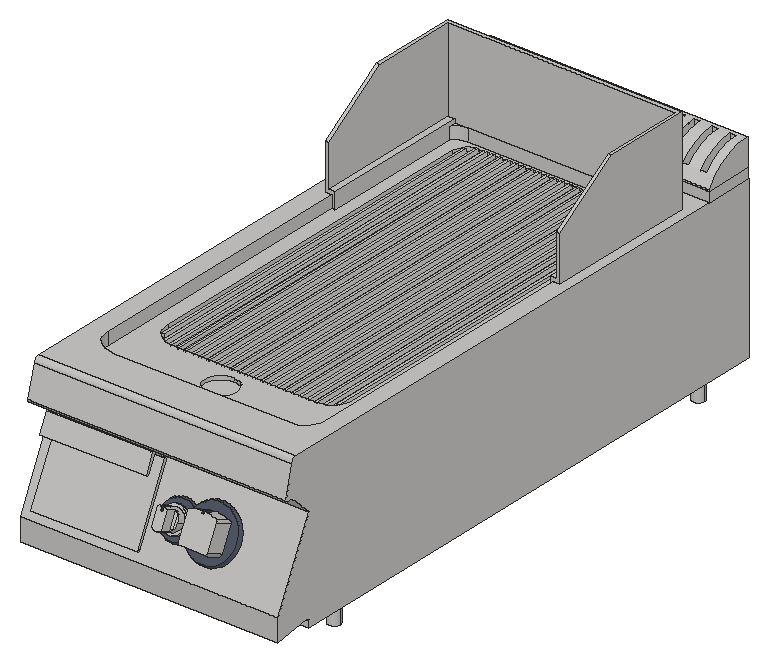
Revit family "QF_ZANUSSI_392402_Z9IINAAOMCA", category Specialty Equipment, Revit 2018
Family settings
  Round Connector Dimension = Use Diameter
  Part Type = Normal
  Work Plane-Based = No
  Always vertical = Yes
  Cut with Voids When Loaded = No
  Shared = No
  Room Calculation Point = No
Parameters
  Width = 400 mm  # constant formula
  Weight in Pounds = 55  # constant formula
  Weight = 0.00 kg
  Watts = 0 W
  Volts = 0 V
  URL Manufacturer = "http://www.zanussiprofessional.com"
  URL Cutsheet = "www.electrolux.com/foodservice"
  URL = "http://www.zanussiprofessional.com"
  Type Mark [instance] = ""
  Steam Supply Size = 0"
  Steam Supply Minimum Pressure = 0.00 psi
  Steam Supply Maximum Pressure = 0.00 psi
  Steam Pounds per Hour = 0
  Status [instance] = ""
  Specification by User [instance] = ""
  Specification by Manufacturer = ""
  Show Logo [instance] = yes
  Show Clearance [instance] = yes
  Serial Number = ""
  Seismic Rating = ""
  SMACNA No = ""
  Revision Code [instance] = ""
  Refrigeration Suction Line Size = 0"
  Refrigeration Liquid Line Size = 0"
  Refrigerant Compressor Remote = yes
  Phase = 0
  Omniclass Number and Title = ""
  NAFEM Spec ID Number = ""
  Model = "Z9FTGDSR00"
  Mechanical Remarks [instance] = ""
  Mechanical Connection Type [instance] = ""
  Masterspec = ""
  Manufacturer = "Zanussi"
  Length Actual = 400 mm  # constant formula
  Item Number [instance] = "392049"
  Installed By [instance] = ""
  Identify Quantity as Lot [instance] = yes
  Hot Water Size = 0"
  Height Actual = 250 mm  # constant formula
  Height = 410 mm  # constant formula
  HP = "0 HP"
  Gas Size = 1/2"
  Gas RI Height [instance] = 0 mm
  Gas KW [instance] = 10
  Gas Input [instance] = 0.336018 Btu/h
  Gas Connection Height = 0 mm
  Furnished By [instance] = ""
  Foodservice Equipment Identifier [instance] = yes
  Direct Waste Size = 0"
  Description = "GAS FRYTOP RIBBED SLOPED PLATE 400 MM"
  Depth Actual = 900 mm  # constant formula
  Depth = 915 mm  # constant formula
  Cycle = 0 Hz
  Condensate Return Size = 0"
  Compressed Air Volume = 0 GPM
  Compressed Air Size = 0"
  Compressed Air Pressure = 0.00 psi
  Cold Water Size = 0"
  CSI MasterFormat = ""
  CSI Master Format = ""
  Base Height [instance] = 24 mm  # constant formula
  Accessory = yes
Reference planes
  plane 1 "BACK": y = 0
  plane 2: z = 0
  plane 3 "LEFT": x = 0
  plane 4 "RIGHT": x = 400
  plane 5 "FRONT": y = -915
  plane 6 "TOP": z = 410
  plane 7 "Center Y": x = 200
  plane 8 "Center X": y = -457.5
  plane 9 "BASE": z = 24
  plane 10: y = -791
  plane 11: y = -83
  plane 12: x = 348
  plane 13: y = -1045
  plane 14: z = 274
  plane 15: y = -666
  plane 16: y = -346.873
  plane 17 "panel": through (-6096, -854.982, 185.364) normal (0, -0.8956, 0.4448)
Forms (mm)
  Extrusion 1, solid, material "QF_Clearances", visible <- "Show Clearance", detail levels coarse
    sketch origin (0, 0, 0) x (1, 0, 0) y (0, 1, 0)
      loop
        line (0, -915) -> (0, 0) -> (400.05, 0) -> (400.05, -915) -> (500.069, -915) -> (500.069, 100.019) -> (-100.019, 100.019) -> (-100.019, -915) -> (0, -915)
    from 0 to 410
  Extrusion 2, solid, material "QF_Finishes_Stainless Steel"
    sketch origin (0, -200, 0) x (0, 1, 0) y (0, 0, 1)
      loop
        line (200, 24) -> (200, 274) -> (-679.358, 274)
        arc (-679.358, 274) -> (-684.643, 271.811) -> (-686.833, 266.526) r 7.474
        line (-686.833, 266.526) -> (-699.884, 221.011)
        arc (-699.884, 221.011) -> (-699.396, 218.379) -> (-697, 217.184) r 3
        line (-697, 217.184) -> (-686.802, 217.184) -> (-654.982, 185.364) -> (-715, 64.508) -> (-715, 29.508) -> (-658.645, 37.428)
        arc (-658.645, 37.428) -> (-656.101, 36.674) -> (-655, 34.259) r 3.2
        line (-655, 34.259) -> (-655, 24) -> (200, 24)
    from 0 to 400.05
  Extrusion 3, void
    sketch origin (0, -202.381, 275.4) x (-1, 0, 0) y (0, -1, 0)
      loop
        arc (-55.4, -87.381) -> (-37.439, -79.942) -> (-30, -61.981) r 25.4
        line (-30, -61.981) -> (-30, 579.98)
        arc (-30, 579.98) -> (-40.99, 606.513) -> (-67.523, 617.504) r 37.523
        line (-67.523, 617.504) -> (-344.314, 617.504)
        arc (-344.314, 617.504) -> (-366.048, 608.501) -> (-375.05, 586.768) r 30.736
        line (-375.05, 586.768) -> (-375.05, -61.981)
        arc (-375.05, -61.981) -> (-367.611, -79.942) -> (-349.65, -87.381) r 25.4
        line (-349.65, -87.381) -> (-55.4, -87.381)
    from 0 to -20
  Extrusion 4, solid, material "QF_Finishes_Stainless Steel"
    sketch origin (0, -200, 0) x (1, 0, 0) y (0, 1, 0)
      loop
        circle (11.112, 117) r 9.525
      loop
        circle (11.112, -591) r 9.525
      loop
        circle (388.887, 117) r 9.525
      loop
        circle (388.888, -591) r 9.525
    from 0 to 24
  Extrusion 5, solid, material "QF_Finishes_Stainless Steel"
    sketch origin (0, 0, 24) x (-1, 0, 0) y (0, 1, 0)
      loop
        circle (-348.05, -666) r 6.4
    from 0 to 18
  Extrusion 6, solid, material "QF_Finishes_Stainless Steel"
    sketch origin (0, -200, 0) x (0, -1, 0) y (0, 0, 1)
      loop
        line (-124.988, 274) -> (-124.988, 289) -> (-200, 289) -> (-200, 274) -> (-124.988, 274)
    from 0 to -400.05
  Extrusion 7, solid, material "QF_Finishes_Stainless Steel"
    sketch origin (0, 0, 0) x (0, 1, 0) y (0, 0, 1)
      loop
        line (0, 289) -> (0, 332.762)
        arc (0, 332.762) -> (-42.919, 322.313) -> (-75.012, 291.959) r 86.116
        line (-75.012, 291.959) -> (-75.012, 289) -> (0, 289)
    from 0 to 400
  Extrusion 8, void
    sketch origin (0, 0, 273.238) x (-1, 0, 0) y (0, -1, 0)
      loop
        line (-13.453, 6.761) -> (-13.453, 63.911) -> (-22.749, 63.911) -> (-22.749, 6.761) -> (-13.453, 6.761)
    from 25.4 to 63.5
  Extrusion 9, void
    sketch origin (400.05, 0, 273.238) x (1, 0, 0) y (0, 1, 0)
      loop
        line (-13.503, -6.761) -> (-22.799, -6.761) -> (-22.799, -63.911) -> (-13.503, -63.911) -> (-13.503, -6.761)
    from 25.4 to 63.5
  Extrusion 10, void
    sketch origin (27.988, 0, 273.238) x (-1, 0, 0) y (0, -1, 0)
      loop
        line (-13.453, 6.761) -> (-13.453, 63.911) -> (-22.749, 63.911) -> (-22.749, 6.761) -> (-13.453, 6.761)
    from 25.4 to 63.5
  Extrusion 11, void
    sketch origin (55.977, 0, 273.238) x (-1, 0, 0) y (0, -1, 0)
      loop
        line (-13.453, 6.761) -> (-13.453, 63.911) -> (-22.749, 63.911) -> (-22.749, 6.761) -> (-13.453, 6.761)
    from 25.4 to 63.5
  Extrusion 12, void
    sketch origin (83.965, 0, 273.238) x (-1, 0, 0) y (0, -1, 0)
      loop
        line (-13.428, 6.761) -> (-13.428, 63.911) -> (-22.724, 63.911) -> (-22.724, 6.761) -> (-13.428, 6.761)
    from 25.4 to 63.5
  Extrusion 13, void
    sketch origin (111.953, 0, 273.238) x (-1, 0, 0) y (0, -1, 0)
      loop
        line (-13.428, 6.761) -> (-13.428, 63.911) -> (-22.724, 63.911) -> (-22.724, 6.761) -> (-13.428, 6.761)
    from 25.4 to 63.5
  Extrusion 14, void
    sketch origin (139.942, 0, 273.238) x (-1, 0, 0) y (0, -1, 0)
      loop
        line (-13.428, 6.761) -> (-13.428, 63.911) -> (-22.724, 63.911) -> (-22.724, 6.761) -> (-13.428, 6.761)
    from 25.4 to 63.5
  Extrusion 15, void
    sketch origin (167.93, 0, 273.238) x (-1, 0, 0) y (0, -1, 0)
      loop
        line (-13.428, 6.761) -> (-13.428, 63.911) -> (-22.724, 63.911) -> (-22.724, 6.761) -> (-13.428, 6.761)
    from 25.4 to 63.5
  Extrusion 16, void
    sketch origin (307.872, 0, 273.238) x (-1, 0, 0) y (0, -1, 0)
      loop
        line (-13.403, 6.761) -> (-13.403, 63.911) -> (-22.699, 63.911) -> (-22.699, 6.761) -> (-13.403, 6.761)
    from 25.4 to 63.5
  Extrusion 17, void
    sketch origin (335.86, 0, 273.238) x (-1, 0, 0) y (0, -1, 0)
      loop
        line (-13.403, 6.761) -> (-13.403, 63.911) -> (-22.699, 63.911) -> (-22.699, 6.761) -> (-13.403, 6.761)
    from 25.4 to 63.5
  Extrusion 18, void
    sketch origin (228.013, 0, 273.238) x (-1, 0, 0) y (0, -1, 0)
      loop
        line (-13.428, 6.761) -> (-13.428, 63.911) -> (-22.724, 63.911) -> (-22.724, 6.761) -> (-13.428, 6.761)
    from 25.4 to 63.5
  Extrusion 19, void
    sketch origin (256.002, 0, 273.238) x (-1, 0, 0) y (0, -1, 0)
      loop
        line (-13.428, 6.761) -> (-13.428, 63.911) -> (-22.724, 63.911) -> (-22.724, 6.761) -> (-13.428, 6.761)
    from 25.4 to 63.5
  Extrusion 20, void
    sketch origin (283.99, 0, 273.238) x (-1, 0, 0) y (0, -1, 0)
      loop
        line (-13.403, 6.761) -> (-13.403, 63.911) -> (-22.699, 63.911) -> (-22.699, 6.761) -> (-13.403, 6.761)
    from 25.4 to 63.5
  Extrusion 21, void
    sketch origin (200.025, 0, 273.238) x (-1, 0, 0) y (0, -1, 0)
      loop
        line (-13.428, 6.761) -> (-13.428, 63.911) -> (-22.724, 63.911) -> (-22.724, 6.761) -> (-13.428, 6.761)
    from 25.4 to 63.5
  Extrusion 22, void
    sketch origin (0, -202.381, 255.4) x (0, -1, 0) y (-1, 0, 0)
      loop
        arc (-56.619, -55) -> (-74.579, -62.439) -> (-82.019, -80.4) r 25.4
        line (-82.019, -80.4) -> (-82.019, -322.6)
        arc (-82.019, -322.6) -> (-74.579, -340.561) -> (-56.619, -348) r 25.4
        line (-56.619, -348) -> (501.768, -348)
        arc (501.768, -348) -> (523.501, -338.998) -> (532.504, -317.264) r 30.736
        line (532.504, -317.264) -> (532.504, -92.523)
        arc (532.504, -92.523) -> (521.513, -65.99) -> (494.98, -55) r 37.523
        line (494.98, -55) -> (-56.619, -55)
      loop
        circle (572.619, -200) r 25
    from 0 to 5
  Extrusion 23, solid, material "QF_Finishes_Stainless Steel"
    sketch origin (0, 0, 275) x (0, 0, -1) y (-1, 0, 0)
      loop
        line (20.6, -30) -> (1, -30) -> (1, -20) -> (-135, -20) -> (-135, -25) -> (-5, -25) -> (-5, -35) -> (20.6, -35) -> (20.6, -30)
      loop
        line (20.6, -375.05) -> (20.6, -370.05) -> (-5, -370.05) -> (-5, -380.05) -> (-135, -380.05) -> (-135, -385.05) -> (1, -385.05) -> (1, -375.05) -> (20.6, -375.05)
    from -110 to -346.873
  Extrusion 24, void
    sketch origin (385.05, 0, 274) x (0, 0, -1) y (0, -1, 0)
      loop
        line (-71, 346.873) -> (-136, 346.873) -> (-136, 246.781) -> (-71, 346.873)
    from 0 to 12.7
  Extrusion 25, void
    sketch origin (25, 0, 292.959) x (0, 0, -1) y (0, -1, 0)
      loop
        line (-52.041, 346.873) -> (-117.041, 346.873) -> (-117.041, 246.781) -> (-52.041, 346.873)
    from 0 to 12.7
  Extrusion 26, solid, material "QF_Finishes_Stainless Steel"
    sketch origin (0, -110, 275) x (0, 0, -1) y (-1, 0, 0)
      loop
        line (-135, -20) -> (-135, -385.05) -> (1, -385.05) -> (1, -20) -> (-135, -20)
    from 0 to -5
  Blend 27, solid, material "QF_Finishes_Navy Blue"
    base sketch origin (276.419, -884.991, 124.936) x (1, 0, 0) y (0, 0.444781, 0.895639)
      loop
        arc (-35.05, -24.037) -> (42.5, 0) -> (-35.05, 24.037) r 42.5
        arc (-35.05, 24.037) -> (-83, 0) -> (-35.05, -24.037) r 30
    top sketch origin (276.419, -884.991, 124.936) x (1, 0, 0) y (0, 0.444781, 0.895639)
      loop
        arc (-34.578, -21.086) -> (40.5, 0) -> (-34.578, 21.086) r 40.5
        arc (-34.578, 21.086) -> (-81, 0) -> (-34.578, -21.086) r 28
    from 0 to 5
  Extrusion 28, solid, material "QF_Finishes_Stainless Steel"
    sketch origin (43.919, -884.991, 124.936) x (1, 0, 0) y (0, 0.444781, 0.895639)
      loop
        circle (177.499, -0.341) r 20
    from 5 to 10
  Extrusion 29, solid, material "QF_Finishes_Stainless Steel"
    sketch origin (43.919, -884.991, 124.936) x (1, 0, 0) y (0, 0.444781, 0.895639)
      loop
        arc (211.353, 22.789) -> (210.006, 21.685) -> (209.5, 20.019) r 2.997
        line (209.5, 20.019) -> (209.5, -20.019)
        arc (209.5, -20.019) -> (210.378, -22.138) -> (212.497, -23.016) r 2.997
        line (212.497, -23.016) -> (252.503, -23.016)
        arc (252.503, -23.016) -> (254.622, -22.138) -> (255.5, -20.019) r 2.997
        line (255.5, -20.019) -> (255.5, 20.019)
        arc (255.5, 20.019) -> (254.994, 21.685) -> (253.647, 22.789) r 2.997
        arc (253.647, 22.789) -> (232.5, 26.984) -> (211.353, 22.789) r 55.4
    from 5 to 34
  Extrusion 30, solid, material "QF_Finishes_Stainless Steel"
    sketch origin (43.919, -884.991, 124.936) x (1, 0, 0) y (0, 0.444781, 0.895639)
      loop
        circle (177.499, -0.341) r 16
    from 10 to 40
  Extrusion 31, void
    sketch origin (276.419, -884.991, 124.936) x (1, 0, 0) y (0, -0.895639, 0.444781)
      loop
        line (-62.999, 24.837) -> (-62.999, 40) -> (-71.893, 40) -> (-71.893, 22) -> (-65.835, 22)
        arc (-65.835, 22) -> (-63.827, 22.828) -> (-62.999, 24.837) r 2.827
      loop
        arc (-47.003, 24.837) -> (-46.175, 22.828) -> (-44.167, 22) r 2.827
        line (-44.167, 22) -> (-38.109, 22) -> (-38.109, 40) -> (-47.003, 40) -> (-47.003, 24.837)
    from -20.019 to 20.019
  Extrusion 32, solid, material "QF_Plastic-Black-Matte"
    sketch origin (333.919, -884.991, 124.936) x (0, 0.444781, 0.895639) y (0, -0.895639, 0.444781)
      loop
        line (26.984, 34) -> (26.984, 19) -> (27.984, 19) -> (27.984, 34)
        arc (27.984, 34) -> (27.691, 34.707) -> (26.984, 35) r 1
        line (26.984, 35) -> (23.984, 35) -> (23.984, 34) -> (26.984, 34)
    from -58.5 to -56.5
  Extrusion 33, solid, material "QF_Plastic-Black-Matte"
    sketch origin (221.418, -1018.425, -143.756) x (0, -0.444781, -0.895639) y (0, -0.895639, 0.444781)
      loop
        line (-310.284, 39.984) -> (-310.284, 40.984) -> (-312.9, 40.984)
        arc (-312.9, 40.984) -> (-315.562, 39.882) -> (-316.664, 37.22) r 3.764
        line (-316.664, 37.22) -> (-316.664, 25.027) -> (-315.664, 25.027) -> (-315.664, 37.22)
        arc (-315.664, 37.22) -> (-314.855, 39.175) -> (-312.9, 39.984) r 2.764
        line (-312.9, 39.984) -> (-310.284, 39.984)
    from 1 to -1
  Extrusion 34, solid, material "QF_Finishes_Stainless Steel"
    sketch origin (0, -214.132, -0.464) x (0, 1, 0) y (0, 0, 1)
      loop
        line (-640.85, 185.828) -> (-659.988, 204.966)
        arc (-659.988, 204.966) -> (-664.455, 206.368) -> (-668.159, 203.504) r 5.058
        line (-668.159, 203.504) -> (-680.821, 175.994) -> (-677.937, 174.666) -> (-665.275, 202.176)
        arc (-665.275, 202.176) -> (-663.896, 203.243) -> (-662.233, 202.721) r 1.883
        line (-662.233, 202.721) -> (-644.727, 185.215) -> (-698.248, 77.444) -> (-695.339, 76.105) -> (-640.85, 185.828)
    from 15 to 180
  Extrusion 35, solid, material "QF_Finishes_Drawer Clearance", visible <- "Show Clearance", detail levels coarse
    sketch origin (0, -315.732, -0.464) x (0, 1, 0) y (0, 0, 1)
      loop
        line (-726.181, 76.105) -> (-593.739, 76.105) -> (-539.25, 185.828) -> (-558.388, 204.966)
        arc (-558.388, 204.966) -> (-560.449, 206.215) -> (-562.855, 206.368) r 5.058
        line (-562.855, 206.368) -> (-695.296, 206.368)
        arc (-695.296, 206.368) -> (-697.5, 205.39) -> (-699, 203.504) r 5.058
        line (-699, 203.504) -> (-711.662, 175.994) -> (-708.778, 174.666) -> (-696.116, 202.176)
        arc (-696.116, 202.176) -> (-694.737, 203.243) -> (-693.074, 202.721) r 1.883
        line (-693.074, 202.721) -> (-675.569, 185.215) -> (-729.089, 77.444) -> (-726.181, 76.105)
    from 15 to 180
  Extrusion 36, solid, material "QF_Finishes_Stainless Steel"
    sketch origin (1.5, -713.772, 32.49) x (0, 0, 1) y (-1, 0, 0)
      loop
        line (217.91, -83) -> (217.91, -89) -> (222.81, -88.02) -> (222.81, -83.98) -> (217.91, -83)
      loop
        line (217.91, -95) -> (217.91, -101) -> (222.81, -100.02) -> (222.81, -95.98) -> (217.91, -95)
      loop
        line (217.91, -107) -> (217.91, -113) -> (222.81, -112.02) -> (222.81, -107.98) -> (217.91, -107)
      loop
        line (217.91, -119) -> (217.91, -125) -> (222.81, -124.02) -> (222.81, -119.98) -> (217.91, -119)
      loop
        line (217.91, -131) -> (217.91, -137) -> (222.81, -136.02) -> (222.81, -131.98) -> (217.91, -131)
      loop
        line (217.91, -143) -> (217.91, -149) -> (222.81, -148.02) -> (222.81, -143.98) -> (217.91, -143)
      loop
        line (217.91, -155) -> (217.91, -161) -> (222.81, -160.02) -> (222.81, -155.98) -> (217.91, -155)
      loop
        line (217.91, -167) -> (217.91, -173) -> (222.81, -172.02) -> (222.81, -167.98) -> (217.91, -167)
      loop
        line (217.91, -179) -> (217.91, -185) -> (222.81, -184.02) -> (222.81, -179.98) -> (217.91, -179)
      loop
        line (217.91, -191) -> (217.91, -197) -> (222.81, -196.02) -> (222.81, -191.98) -> (217.91, -191)
      loop
        line (217.91, -203) -> (217.91, -209) -> (222.81, -208.02) -> (222.81, -203.98) -> (217.91, -203)
      loop
        line (217.91, -317) -> (222.81, -316.02) -> (222.81, -311.98) -> (217.91, -311) -> (217.91, -317)
      loop
        line (217.91, -305) -> (222.81, -304.02) -> (222.81, -299.98) -> (217.91, -299) -> (217.91, -305)
      loop
        line (217.91, -293) -> (222.81, -292.02) -> (222.81, -287.98) -> (217.91, -287) -> (217.91, -293)
      loop
        line (217.91, -281) -> (222.81, -280.02) -> (222.81, -275.98) -> (217.91, -275) -> (217.91, -281)
      loop
        line (217.91, -269) -> (222.81, -268.02) -> (222.81, -263.98) -> (217.91, -263) -> (217.91, -269)
      loop
        line (217.91, -257) -> (222.81, -256.02) -> (222.81, -251.98) -> (217.91, -251) -> (217.91, -257)
      loop
        line (217.91, -245) -> (222.81, -244.02) -> (222.81, -239.98) -> (217.91, -239) -> (217.91, -245)
      loop
        line (217.91, -233) -> (222.81, -232.02) -> (222.81, -227.98) -> (217.91, -227) -> (217.91, -233)
      loop
        line (217.91, -221) -> (222.81, -220.02) -> (222.81, -215.98) -> (217.91, -215) -> (217.91, -221)
    from 21.113 to -593.409
  Extrusion 37, solid, material "QF_Finishes_Stainless Steel"
    sketch origin (0, -713.772, 32.49) x (0, 0, 1) y (-1, 0, 0)
      loop
        line (217.91, -72.5) -> (217.91, -78.5) -> (222.81, -77.52) -> (222.81, -73.48) -> (217.91, -72.5)
    from -592.061 to 15.21
  Extrusion 38, solid, material "QF_Finishes_Stainless Steel"
    sketch origin (-12, -713.772, 32.49) x (0, 0, 1) y (-1, 0, 0)
      loop
        line (217.91, -72.5) -> (217.91, -78.5) -> (222.81, -77.52) -> (222.81, -73.48) -> (217.91, -72.5)
    from -583.422 to 2.897
  Extrusion 39, solid, material "QF_Finishes_Stainless Steel"
    sketch origin (252, -713.772, 32.49) x (0, 0, 1) y (-1, 0, 0)
      loop
        line (217.91, -72.5) -> (217.91, -78.5) -> (222.81, -77.52) -> (222.81, -73.48) -> (217.91, -72.5)
    from -591.963 to 17.797
  Extrusion 40, solid, material "QF_Finishes_Stainless Steel"
    sketch origin (264, -713.772, 32.49) x (0, 0, 1) y (-1, 0, 0)
      loop
        line (217.91, -72.5) -> (217.91, -78.5) -> (222.81, -77.52) -> (222.81, -73.48) -> (217.91, -72.5)
    from -583.428 to 7.677
Cuts and joins
  Extrusion 3, Extrusion 22 cuts Extrusion 2
  Extrusion 8, Extrusion 9, Extrusion 10, Extrusion 11, Extrusion 12, Extrusion 13, Extrusion 14, Extrusion 15, Extrusion 16, Extrusion 17, Extrusion 18, Extrusion 19, Extrusion 20, Extrusion 21 cuts Extrusion 7
  Extrusion 18 cuts Extrusion 1
  Extrusion 24, Extrusion 25 cuts Extrusion 23
  joined: Extrusion 23, Extrusion 26
  Extrusion 31 cuts Extrusion 30
Lines and regions (mm)
  Split face 1
    outline origin (276.419, -889.469, 127.16) x (1, 0, 0) y (0, 0.444781, 0.895639)
      loop
        circle (0, 33) r 1
  Split face 2
    outline origin (276.419, -889.469, 127.16) x (1, 0, 0) y (0, 0.444781, 0.895639)
      loop
        circle (-8.541, 31.876) r 1
  Split face 3
    outline origin (276.419, -889.469, 127.16) x (1, 0, 0) y (0, 0.444781, 0.895639)
      loop
        circle (-16.5, 28.579) r 1
  Split face 4
    outline origin (276.419, -889.469, 127.16) x (1, 0, 0) y (0, 0.444781, 0.895639)
      loop
        circle (-23.335, 23.335) r 1
  Split face 5
    outline origin (276.419, -889.469, 127.16) x (1, 0, 0) y (0, 0.444781, 0.895639)
      loop
        circle (-28.579, 16.5) r 1
  Split face 6
    outline origin (276.419, -889.469, 127.16) x (1, 0, 0) y (0, 0.444781, 0.895639)
      loop
        circle (-31.876, 8.541) r 1
  Split face 7
    outline origin (276.419, -889.469, 127.16) x (1, 0, 0) y (0, 0.444781, 0.895639)
      loop
        circle (-33, 0) r 1
  Split face 8
    outline origin (276.419, -889.469, 127.16) x (-1, 0, 0) y (0, 0.444781, 0.895639)
      loop
        circle (31.876, -8.541) r 1
  Split face 9
    outline origin (276.419, -889.469, 127.16) x (-1, 0, 0) y (0, 0.444781, 0.895639)
      loop
        circle (28.579, -16.5) r 1
  Split face 10
    outline origin (276.419, -889.469, 127.16) x (-1, 0, 0) y (0, 0.444781, 0.895639)
      loop
        circle (23.335, -23.335) r 1
  Split face 11
    outline origin (276.419, -889.469, 127.16) x (-1, 0, 0) y (0, 0.444781, 0.895639)
      loop
        circle (16.5, -28.579) r 1
  Split face 12
    outline origin (276.419, -889.469, 127.16) x (-1, 0, 0) y (0, 0.444781, 0.895639)
      loop
        circle (8.541, -31.876) r 1
  Split face 13
    outline origin (276.419, -889.469, 127.16) x (1, 0, 0) y (0, -0.444781, -0.895639)
      loop
        circle (33, 0) r 1
  Split face 14
    outline origin (276.419, -889.469, 127.16) x (1, 0, 0) y (0, -0.444781, -0.895639)
      loop
        circle (31.876, -8.541) r 1
  Split face 15
    outline origin (276.419, -889.469, 127.16) x (1, 0, 0) y (0, -0.444781, -0.895639)
      loop
        circle (28.579, -16.5) r 1
  Split face 16
    outline origin (276.419, -889.469, 127.16) x (1, 0, 0) y (0, -0.444781, -0.895639)
      loop
        circle (23.335, -23.335) r 1
  Split face 17
    outline origin (276.419, -889.469, 127.16) x (1, 0, 0) y (0, -0.444781, -0.895639)
      loop
        circle (16.5, -28.579) r 1
  Split face 18
    outline origin (276.419, -889.469, 127.16) x (1, 0, 0) y (0, -0.444781, -0.895639)
      loop
        circle (8.541, -31.876) r 1
  Split face 19
    outline origin (276.419, -889.469, 127.16) x (-1, 0, 0) y (0, -0.444781, -0.895639)
      loop
        circle (-8.541, 31.876) r 1
  Split face 20
    outline origin (276.419, -889.469, 127.16) x (-1, 0, 0) y (0, -0.444781, -0.895639)
      loop
        circle (-16.5, 28.579) r 1
  Split face 21
    outline origin (276.419, -889.469, 127.16) x (-1, 0, 0) y (0, -0.444781, -0.895639)
      loop
        circle (-23.335, 23.335) r 1
  Split face 22
    outline origin (276.419, -889.469, 127.16) x (-1, 0, 0) y (0, -0.444781, -0.895639)
      loop
        circle (-28.579, 16.5) r 1
  Split face 23
    outline origin (276.419, -889.469, 127.16) x (-1, 0, 0) y (0, -0.444781, -0.895639)
      loop
        circle (-31.876, 8.541) r 1
  Split face 24
    outline origin (276.419, -889.469, 127.16) x (1, 0, 0) y (0, 0.444781, 0.895639)
      loop
        circle (-55.001, 22) r 1.508
  Split face 25
    outline origin (277.545, -885.216, 135.725) x (1, 0, 0) y (0, 0.444781, 0.895639)
      loop
        circle (-77.001, 0) r 1.343
  Split face 26
    outline origin (276.419, -889.469, 127.16) x (1, 0, 0) y (0, 0.444781, 0.895639)
      loop
        line (-56.273, -20.786) -> (-56.273, -25.164) -> (-53.729, -25.164) -> (-53.729, -20.786) -> (-56.273, -20.786)
  Split face 27
    outline origin (276.419, -889.469, 127.16) x (1, 0, 0) y (0, 0.444781, 0.895639)
      loop
        line (-70.261, 16.732) -> (-67.433, 19.559) -> (-71.077, 17.548) -> (-70.261, 16.732)
  Split face 28
    outline origin (276.419, -889.469, 127.16) x (1, 0, 0) y (0, 0.444781, 0.895639)
      loop
        circle (0, -33) r 1
  symbolic lines, style "QF_Clearances", visible <- "Show Clearance", detail levels coarse
    curve 1: line (-100.019, 100.019, 276.225) -> (-100.019, -930, 276.225)
    curve 2: line (500.069, 100.019, 276.225) -> (-100.019, 100.019, 276.225)
    curve 3: line (500.069, -930, 276.225) -> (500.069, 100.019, 276.225)
  symbolic lines
    curve 4: line (0, -75.012, 276.225) -> (400.05, -75.012, 276.225)
    curve 5: line (0, -915, 276.225) -> (0, 0, 276.225)
    curve 6: line (400.05, 0, 276.225) -> (400.05, -915, 276.225)
    curve 7: line (30, -346.873, 276.225) -> (30, -782.362, 276.225)
    curve 8: arc (30, -782.362, 276.225) -> (40.99, -808.895, 276.225) -> (67.523, -819.885, 276.225) r 37.523
    curve 9: arc (344.314, -819.885, 276.225) -> (366.048, -810.883, 276.225) -> (375.05, -789.149, 276.225) r 30.736
    curve 10: line (375.05, -789.149, 276.225) -> (375.05, -346.873, 276.225)
    curve 11: line (67.523, -819.885, 276.225) -> (344.314, -819.885, 276.225)
    curve 15: line (0, 0, 276.225) -> (400.05, 0, 276.225)
    curve 16: line (22.749, -6.761, 276.225) -> (22.749, -63.911, 276.225)
    curve 17: line (22.749, -63.911, 276.225) -> (13.453, -63.911, 276.225)
    curve 18: line (13.453, -63.911, 276.225) -> (13.453, -6.761, 276.225)
    curve 19: line (13.453, -6.761, 276.225) -> (22.749, -6.761, 276.225)
    curve 20: line (50.737, -6.761, 276.225) -> (50.737, -63.911, 276.225)
    curve 21: line (50.737, -63.911, 276.225) -> (41.441, -63.911, 276.225)
    curve 22: line (41.441, -63.911, 276.225) -> (41.441, -6.761, 276.225)
    curve 23: line (41.441, -6.761, 276.225) -> (50.737, -6.761, 276.225)
    curve 24: line (78.725, -6.761, 276.225) -> (78.725, -63.911, 276.225)
    curve 25: line (78.725, -63.911, 276.225) -> (69.43, -63.911, 276.225)
    curve 26: line (69.43, -63.911, 276.225) -> (69.43, -6.761, 276.225)
    curve 27: line (69.43, -6.761, 276.225) -> (78.725, -6.761, 276.225)
    curve 28: line (106.689, -6.761, 276.225) -> (106.689, -63.911, 276.225)
    curve 29: line (106.689, -63.911, 276.225) -> (97.393, -63.911, 276.225)
    curve 30: line (97.393, -63.911, 276.225) -> (97.393, -6.761, 276.225)
    curve 31: line (97.393, -6.761, 276.225) -> (106.689, -6.761, 276.225)
    curve 32: line (134.677, -6.761, 276.225) -> (134.677, -63.911, 276.225)
    curve 33: line (134.677, -63.911, 276.225) -> (125.381, -63.911, 276.225)
    curve 34: line (125.381, -63.911, 276.225) -> (125.381, -6.761, 276.225)
    curve 35: line (125.381, -6.761, 276.225) -> (134.677, -6.761, 276.225)
    curve 36: line (162.665, -6.761, 276.225) -> (162.665, -63.911, 276.225)
    curve 37: line (162.665, -63.911, 276.225) -> (153.37, -63.911, 276.225)
    curve 38: line (153.37, -63.911, 276.225) -> (153.37, -6.761, 276.225)
    curve 39: line (153.37, -6.761, 276.225) -> (162.665, -6.761, 276.225)
    curve 40: line (190.654, -6.761, 276.225) -> (190.654, -63.911, 276.225)
    curve 41: line (190.654, -63.911, 276.225) -> (181.358, -63.911, 276.225)
    curve 42: line (181.358, -63.911, 276.225) -> (181.358, -6.761, 276.225)
    curve 43: line (181.358, -6.761, 276.225) -> (190.654, -6.761, 276.225)
    curve 44: line (222.749, -6.761, 276.225) -> (222.749, -63.911, 276.225)
    curve 45: line (222.749, -63.911, 276.225) -> (213.453, -63.911, 276.225)
    curve 46: line (213.453, -63.911, 276.225) -> (213.453, -6.761, 276.225)
    curve 47: line (213.453, -6.761, 276.225) -> (222.749, -6.761, 276.225)
    curve 48: line (250.737, -6.761, 276.225) -> (250.737, -63.911, 276.225)
    curve 49: line (250.737, -63.911, 276.225) -> (241.441, -63.911, 276.225)
    curve 50: line (241.441, -63.911, 276.225) -> (241.441, -6.761, 276.225)
    curve 51: line (241.441, -6.761, 276.225) -> (250.737, -6.761, 276.225)
    curve 52: line (278.725, -6.761, 276.225) -> (278.725, -63.911, 276.225)
    curve 53: line (278.725, -63.911, 276.225) -> (269.43, -63.911, 276.225)
    curve 54: line (269.43, -63.911, 276.225) -> (269.43, -6.761, 276.225)
    curve 55: line (269.43, -6.761, 276.225) -> (278.725, -6.761, 276.225)
    curve 56: line (306.689, -6.761, 276.225) -> (306.689, -63.911, 276.225)
    curve 57: line (306.689, -63.911, 276.225) -> (297.393, -63.911, 276.225)
    curve 58: line (297.393, -63.911, 276.225) -> (297.393, -6.761, 276.225)
    curve 59: line (297.393, -6.761, 276.225) -> (306.689, -6.761, 276.225)
    curve 60: line (330.57, -6.761, 276.225) -> (330.57, -63.911, 276.225)
    curve 61: line (330.57, -63.911, 276.225) -> (321.275, -63.911, 276.225)
    curve 62: line (321.275, -63.911, 276.225) -> (321.275, -6.761, 276.225)
    curve 63: line (321.275, -6.761, 276.225) -> (330.57, -6.761, 276.225)
    curve 64: line (358.559, -6.761, 276.225) -> (358.559, -63.911, 276.225)
    curve 65: line (358.559, -63.911, 276.225) -> (349.263, -63.911, 276.225)
    curve 66: line (349.263, -63.911, 276.225) -> (349.263, -6.761, 276.225)
    curve 67: line (349.263, -6.761, 276.225) -> (358.559, -6.761, 276.225)
    curve 68: line (386.547, -6.761, 276.225) -> (386.547, -63.911, 276.225)
    curve 69: line (386.547, -63.911, 276.225) -> (377.251, -63.911, 276.225)
    curve 70: line (377.251, -63.911, 276.225) -> (377.251, -6.761, 276.225)
    curve 71: line (377.251, -6.761, 276.225) -> (386.547, -6.761, 276.225)
    curve 72: line (20, -110, 276.225) -> (20, -346.873, 276.225)
    curve 73: line (385.05, -110, 276.225) -> (20, -110, 276.225)
    curve 74: line (385.05, -346.873, 276.225) -> (385.05, -110, 276.225)
    curve 75: line (20, -346.873, 276.225) -> (35, -346.873, 276.225)
    curve 76: line (370.05, -346.873, 276.225) -> (385.05, -346.873, 276.225)
    curve 77: arc (55, -145.762, 276.225) -> (62.439, -127.802, 276.225) -> (80.4, -120.362, 276.225) r 25.4
    curve 78: line (80.4, -120.362, 276.225) -> (322.6, -120.362, 276.225)
    curve 79: arc (322.6, -120.362, 276.225) -> (340.561, -127.802, 276.225) -> (348, -145.762, 276.225) r 25.4
    curve 80: line (348, -145.762, 276.225) -> (348, -704.149, 276.225)
    curve 81: arc (348, -704.149, 276.225) -> (338.998, -725.883, 276.225) -> (317.264, -734.885, 276.225) r 30.736
    curve 82: line (317.264, -734.885, 276.225) -> (92.523, -734.885, 276.225)
    curve 83: arc (92.523, -734.885, 276.225) -> (65.99, -723.895, 276.225) -> (55, -697.362, 276.225) r 37.523
    curve 84: line (55, -697.362, 276.225) -> (55, -145.762, 276.225)
    curve 85: line (370.05, -346.873, 276.225) -> (370.05, -115, 276.225)
    curve 86: line (380.05, -115, 276.225) -> (380.05, -346.873, 276.225)
    curve 87: line (35, -346.873, 276.225) -> (35, -115, 276.225)
    curve 88: line (25, -346.873, 276.225) -> (25, -115, 276.225)
    curve 89: line (35, -115, 276.225) -> (380.05, -115, 276.225)
    curve 90: arc (370.05, -125.267, 276.225) -> (361.069, -117.712, 276.225) -> (349.65, -115, 276.225) r 25.4
    curve 91: arc (55.4, -115, 276.225) -> (43.981, -117.712, 276.225) -> (35, -125.267, 276.225) r 25.4
    curve 92: arc (200, -750, 276.225) -> (225, -775, 276.225) -> (200, -800, 276.225) r 25
    curve 93: arc (200, -800, 276.225) -> (175, -775, 276.225) -> (200, -750, 276.225) r 25
    curve 94: line (253.419, -900, 0) -> (253.419, -924.347, 0)
    curve 95: arc (253.419, -924.347, 0) -> (253.566, -924.811, 0) -> (253.951, -925.107, 0) r 0.809
    curve 96: arc (253.951, -925.107, 0) -> (255.139, -925.587, 0) -> (256.417, -925.68, 0) r 4.127
    curve 97: arc (253.419, -904.292, 0) -> (248.378, -902.458, 0) -> (243.61, -900, 0) r 42.24
    curve 98: arc (253.419, -906.539, 0) -> (253.922, -905.818, 0) -> (254.719, -905.448, 0) r 1.682
    curve 99: arc (254.719, -905.448, 0) -> (265.021, -903.95, 0) -> (275.419, -903.441, 0) r 109.079
    curve 100: line (275.419, -900, 0) -> (275.419, -905.671, 0)
    curve 101: line (275.419, -905.671, 0) -> (277.419, -905.671, 0)
    curve 102: line (277.419, -905.671, 0) -> (277.419, -900, 0)
    curve 103: line (299.419, -900, 0) -> (299.419, -924.347, 0)
    curve 104: arc (299.419, -924.347, 0) -> (299.273, -924.811, 0) -> (298.887, -925.107, 0) r 0.809
    curve 105: arc (298.887, -925.107, 0) -> (297.7, -925.587, 0) -> (296.422, -925.68, 0) r 4.127
    curve 106: arc (299.419, -904.292, 0) -> (304.461, -902.458, 0) -> (309.229, -900, 0) r 42.24
    curve 107: arc (299.419, -906.539, 0) -> (298.917, -905.818, 0) -> (298.12, -905.448, 0) r 1.682
    curve 108: arc (298.12, -905.448, 0) -> (287.818, -903.95, 0) -> (277.419, -903.441, 0) r 109.079
    curve 109: line (256.417, -925.68, 0) -> (296.422, -925.68, 0)
    curve 110: line (213.421, -925.977, 908.9) -> (213.421, -901.224, 908.9)
    curve 111: line (229.416, -901.224, 908.9) -> (229.416, -925.977, 908.9)
    curve 112: spline (210.785, -910.164, 908.9) -> (209.296, -909.491, 908.9) -> (208.02, -908.737, 908.9) -> (206.98, -907.914, 908.9) -> (206.195, -907.037, 908.9) -> (205.677, -906.121, 908.9) -> (205.436, -905.183, 908.9) -> (205.477, -904.239, 908.9) -> (205.798, -903.306, 908.9) -> (206.393, -902.4, 908.9) -> (207.254, -901.537, 908.9) -> (208.363, -900.732, 908.9) -> (209.702, -900, 908.9)
    curve 113: spline (233.133, -900, 908.9) -> (234.477, -900.735, 908.9) -> (235.589, -901.543, 908.9) -> (236.451, -902.41, 908.9) -> (237.046, -903.319, 908.9) -> (237.365, -904.256, 908.9) -> (237.401, -905.204, 908.9) -> (237.154, -906.145, 908.9) -> (236.628, -907.063, 908.9) -> (235.833, -907.942, 908.9) -> (234.782, -908.766, 908.9) -> (233.495, -909.521, 908.9) -> (231.994, -910.193, 908.9)
    curve 114: spline (231.994, -910.193, 908.9) -> (231.713, -910.322, 908.9) -> (231.432, -910.487, 908.9) -> (231.154, -910.686, 908.9) -> (230.884, -910.917, 908.9) -> (230.626, -911.177, 908.9) -> (230.382, -911.461, 908.9) -> (230.157, -911.765, 908.9) -> (229.954, -912.085, 908.9) -> (229.777, -912.416, 908.9) -> (229.626, -912.754, 908.9) -> (229.505, -913.094, 908.9) -> (229.416, -913.43, 908.9)
    curve 115: spline (213.421, -913.341, 908.9) -> (213.348, -912.987, 908.9) -> (213.241, -912.634, 908.9) -> (213.1, -912.286, 908.9) -> (212.927, -911.949, 908.9) -> (212.725, -911.628, 908.9) -> (212.497, -911.327, 908.9) -> (212.246, -911.051, 908.9) -> (211.976, -910.803, 908.9) -> (211.69, -910.588, 908.9) -> (211.394, -910.408, 908.9) -> (211.09, -910.266, 908.9) -> (210.785, -910.164, 908.9)
    curve 116: line (205.418, -904.847, 908.9) -> (205.418, -900, 908.9)
    curve 117: line (237.421, -904.85, 908.9) -> (237.421, -900, 908.9)
    curve 118: arc (213.421, -925.977, 908.9) -> (221.418, -927.063, 908.9) -> (229.416, -925.977, 908.9) r 30
    curve 119: arc (213.421, -901.224, 0) -> (213.322, -900.567, 0) -> (212.975, -900, 0) r 1.677
    curve 120: arc (229.416, -901.224, 0) -> (229.515, -900.567, 0) -> (229.861, -900, 0) r 1.677
    curve 121: line (299.419, -915, 276.225) -> (400.05, -915, 276.225)
    curve 122: line (0, -900, 276.225) -> (400.05, -900, 276.225)
    curve 123: line (253.419, -915, 276.225) -> (229.416, -915, 276.225)
    curve 124: line (0, -915, 276.225) -> (213.421, -915, 276.225)
    curve 125: line (63.52, -126.783, 276.225) -> (63.52, -721.166, 276.225)
    curve 126: line (75.52, -120.836, 276.225) -> (75.52, -730.811, 276.225)
    curve 127: line (87.52, -120.362, 276.225) -> (87.52, -734.55, 276.225)
    curve 128: line (99.52, -120.362, 276.225) -> (99.52, -734.885, 276.225)
    curve 129: line (111.52, -120.362, 276.225) -> (111.52, -734.885, 276.225)
    curve 130: line (123.52, -120.362, 276.225) -> (123.52, -734.885, 276.225)
    curve 131: line (135.52, -120.362, 276.225) -> (135.52, -734.885, 276.225)
    curve 132: line (147.52, -120.362, 276.225) -> (147.52, -734.885, 276.225)
    curve 133: line (159.52, -120.362, 276.225) -> (159.52, -734.885, 276.225)
    curve 134: line (171.52, -120.362, 276.225) -> (171.52, -734.885, 276.225)
    curve 135: line (183.52, -120.362, 276.225) -> (183.52, -734.885, 276.225)
    curve 136: line (195.52, -120.362, 276.225) -> (195.52, -734.885, 276.225)
    curve 137: line (207.52, -120.362, 276.225) -> (207.52, -734.885, 276.225)
    curve 138: line (219.52, -734.885, 276.225) -> (219.52, -120.362, 276.225)
    curve 139: line (231.52, -734.885, 276.225) -> (231.52, -120.362, 276.225)
    curve 140: line (243.52, -734.885, 276.225) -> (243.52, -120.362, 276.225)
    curve 141: line (255.52, -734.885, 276.225) -> (255.52, -120.362, 276.225)
    curve 142: line (267.52, -734.885, 276.225) -> (267.52, -120.362, 276.225)
    curve 143: line (279.52, -734.885, 276.225) -> (279.52, -120.362, 276.225)
    curve 144: line (291.52, -734.885, 276.225) -> (291.52, -120.362, 276.225)
    curve 145: line (303.52, -734.885, 276.225) -> (303.52, -120.362, 276.225)
    curve 146: line (315.52, -734.885, 276.225) -> (315.52, -120.362, 276.225)
    curve 147: line (327.52, -120.844, 276.225) -> (327.52, -733.123, 276.225)
    curve 148: line (339.52, -126.819, 276.225) -> (339.52, -725.347, 276.225)
    curve 149: line (15, -915, 276.225) -> (15, -900, 276.225)
    curve 150: line (180, -915, 276.225) -> (180, -900, 276.225)
  symbolic lines, style "QF_Door-Drawer Clearances", visible <- "Show Clearance", detail levels coarse
    curve 12: line (15, -915, 276.225) -> (15, -1044.821, 276.225)
    curve 13: line (15, -1044.821, 276.225) -> (180, -1044.821, 276.225)
    curve 14: line (180, -1044.821, 276.225) -> (180, -915, 276.225)
Dimensions and locks
  equal spacing: plane 3 "LEFT", plane 7 "Center Y", plane 4 "RIGHT"
  "Width": plane 3 "LEFT" to plane 4 "RIGHT"
  equal spacing: plane 5 "FRONT", plane 8 "Center X", plane 1 "BACK"
  "Depth": plane 5 "FRONT" to plane 1 "BACK"
  plane 1 "BACK" to plane 5 "FRONT" = 915 mm
  "Base Height": plane 9 "BASE" to level
  plane 9 "BASE" to level = 24 mm
  plane 6 "TOP" to level = 410 mm
  plane 6 "TOP" to plane 9 "BASE" = 386 mm
  plane 13 to plane 1 "BACK" = 1045 mm
  plane 5 "FRONT" to plane 1 "BACK" = 915 mm
  Extrusion 4 sketch curve to plane 1 "BACK" = 83 mm
  plane 10 to plane 11 to plane 1 "BACK" = 708 mm, 83 mm
  Extrusion 4 sketch curve to Extrusion 4 sketch curve = 708 mm
  plane 5 "FRONT" to plane 10 = 124 mm
  Extrusion 5 to plane 9 "BASE" = 18 mm
  plane 14 to plane 9 "BASE" = 250 mm
  plane 15 to plane 1 "BACK" = 666 mm
  plane 9 "BASE" to plane 2 = 24 mm
  plane 9 "BASE" to cut or joined group of Extrusion 7, Extrusion 8, Extrusion 9, Extrusion 10, Extrusion 11, Extrusion 12, Extrusion 13, Extrusion 14, Extrusion 15, Extrusion 16, Extrusion 17, Extrusion 18, Extrusion 19, Extrusion 20, Extrusion 21 = 265 mm
  aligned and locked: level to plane 2
  aligned and locked: plane 9 "BASE" to Extrusion 4
Automatic sketch dimensions
  plane 7 "Center Y" to curve 119 = 11.746 mm
  curve 119 to curve 120 = 19.344 mm
  plane 5 "FRONT" to curve 94 = 9.347 mm
  curve 120 to curve 94 = 22.329 mm
  curve 94 to curve 95 = 0.809 mm
  curve 98 to curve 98 = 1.583 mm
  curve 95 to curve 96 = 1.846 mm
  curve 95 to curve 109 = 2.189 mm
  curve 94 to curve 97 = 11.892 mm
  curve 100 to plane 5 "FRONT" = 9.329 mm
  curve 98 to curve 100 = 20.417 mm
  plane 12 to curve 99 = 72.449 mm
  curve 99 to curve 108 = 1.738 mm
  curve 100 to curve 102 = 2 mm
  curve 97 to curve 106 = 22.215 mm
  curve 101 to curve 109 = 19.003 mm
  curve 105 to curve 105 = 0.343 mm
  curve 105 to curve 107 = 1.071 mm
  curve 109 to curve 104 = 2.189 mm
  curve 104 to curve 103 = 0.809 mm
  plane 5 "FRONT" to curve 104 = 9.347 mm
  curve 109 to curve 104 = 1.333 mm
  curve 108 to plane 13 = 32.481 mm
  curve 99 to curve 108 = 0 mm
  curve 95 to curve 96 = 2.779 mm
  curve 104 to curve 105 = 2.779 mm
  curve 107 to plane 5 "FRONT" = 7.894 mm
  curve 98 to plane 5 "FRONT" = 7.894 mm
  curve 120 to plane 5 "FRONT" = 13.86 mm
  curve 119 to plane 5 "FRONT" = 13.86 mm
  curve 100 to curve 97 = 41.91 mm
  curve 97 to curve 106 = 0 mm
  curve 119 to curve 119 = 1.229 mm
  curve 119 to curve 119 = 0.445 mm
  curve 120 to curve 120 = 1.675 mm
  curve 120 to curve 120 = 0.445 mm
  curve 97 to curve 94 = 9.809 mm
  curve 99 to curve 98 = 0.284 mm
  curve 107 to curve 108 = 0.284 mm
  curve 103 to curve 106 = 9.809 mm
  curve 107 to curve 107 = 0.567 mm
  curve 98 to curve 98 = 0.567 mm
  curve 99 to curve 97 = 1.156 mm
  curve 108 to curve 106 = 1.156 mm
  curve 119 to curve 119 = 0.083 mm
  curve 120 to curve 120 = 0.083 mm
  curve 106 to curve 103 = 4.292 mm
  curve 99 to curve 100 = 3.441 mm
  curve 97 to curve 94 = 4.292 mm
  curve 100 to curve 102 = 0 mm
  plane 5 "FRONT" to Extrusion 1 sketch curve = 0 mm  (x2)
  plane 1 "BACK" to Extrusion 1 sketch curve = 0 mm
  Extrusion 1 sketch curve to plane 3 "LEFT" = 0 mm
  Extrusion 1 sketch curve to plane 3 "LEFT" = 100.019 mm
  plane 4 "RIGHT" to Extrusion 1 sketch curve = 0.05 mm
  Extrusion 1 sketch curve to Extrusion 1 sketch curve = 100.019 mm
  Extrusion 1 sketch curve to plane 1 "BACK" = 100.019 mm
  Extrusion 3 sketch curve to plane 10 = 1.851 mm
  Extrusion 3 sketch curve to plane 4 "RIGHT" = 24.95 mm
  Extrusion 3 sketch curve to plane 12 = 1.65 mm
  plane 12 to Extrusion 3 sketch curve = 3.686 mm
  Extrusion 3 sketch curve to plane 10 = 8.638 mm
  plane 3 "LEFT" to Extrusion 3 sketch curve = 67.523 mm
  Extrusion 3 sketch curve to Extrusion 3 sketch curve = 25.4 mm
  plane 11 to Extrusion 3 sketch curve = 57.4 mm
  plane 10 to Extrusion 4 sketch curve = 0 mm
  plane 11 to Extrusion 4 sketch curve = 0 mm
  plane 3 "LEFT" to Extrusion 4 sketch curve = 11.112 mm  (x2)
  Extrusion 4 sketch curve to plane 4 "RIGHT" = 11.113 mm  (x2)
  Extrusion 5 sketch curve to plane 15 = 0 mm
  Extrusion 5 sketch curve to plane 12 = 0.05 mm
  Extrusion 7 sketch curve to plane 1 "BACK" = 0 mm
  plane 1 "BACK" to Extrusion 7 sketch curve = 1.769 mm
  Extrusion 7 sketch curve to plane 11 = 7.988 mm
  Extrusion 7 sketch curve to plane 14 = 27.335 mm
  plane 14 to Extrusion 7 sketch curve = 15 mm
  Extrusion 7 sketch curve to Extrusion 7 sketch curve = 2.959 mm
  plane 1 "BACK" to Extrusion 8 sketch curve = 6.761 mm
  plane 3 "LEFT" to Extrusion 8 sketch curve = 22.749 mm
  Extrusion 8 sketch curve to Extrusion 8 sketch curve = 9.296 mm
  Extrusion 8 sketch curve to plane 11 = 19.089 mm
  Extrusion 9 sketch curve to plane 1 "BACK" = 6.761 mm
  plane 4 "RIGHT" to Extrusion 9 sketch curve = 22.749 mm
  Extrusion 9 sketch curve to Extrusion 9 sketch curve = 9.296 mm
  plane 11 to Extrusion 9 sketch curve = 19.089 mm
  plane 1 "BACK" to Extrusion 10 sketch curve = 6.761 mm
  plane 3 "LEFT" to Extrusion 10 sketch curve = 50.737 mm
  Extrusion 10 sketch curve to Extrusion 10 sketch curve = 9.296 mm
  Extrusion 10 sketch curve to plane 11 = 19.089 mm
  plane 1 "BACK" to Extrusion 11 sketch curve = 6.761 mm
  plane 3 "LEFT" to Extrusion 11 sketch curve = 78.725 mm
  Extrusion 11 sketch curve to Extrusion 11 sketch curve = 9.296 mm
  Extrusion 11 sketch curve to plane 11 = 19.089 mm
  plane 1 "BACK" to Extrusion 12 sketch curve = 6.761 mm
  Extrusion 12 sketch curve to plane 7 "Center Y" = 93.311 mm
  Extrusion 12 sketch curve to Extrusion 12 sketch curve = 9.296 mm
  Extrusion 12 sketch curve to plane 11 = 19.089 mm
  plane 1 "BACK" to Extrusion 13 sketch curve = 6.761 mm
  Extrusion 13 sketch curve to plane 7 "Center Y" = 65.323 mm
  Extrusion 13 sketch curve to Extrusion 13 sketch curve = 9.296 mm
  Extrusion 13 sketch curve to plane 11 = 19.089 mm
  plane 1 "BACK" to Extrusion 14 sketch curve = 6.761 mm
  Extrusion 14 sketch curve to plane 7 "Center Y" = 37.335 mm
  Extrusion 14 sketch curve to Extrusion 14 sketch curve = 9.296 mm
  Extrusion 14 sketch curve to plane 11 = 19.089 mm
  Extrusion 15 sketch curve to plane 7 "Center Y" = 9.346 mm
  Extrusion 15 sketch curve to Extrusion 15 sketch curve = 9.296 mm
  plane 1 "BACK" to Extrusion 15 sketch curve = 6.761 mm
  Extrusion 15 sketch curve to plane 11 = 19.089 mm
  plane 1 "BACK" to Extrusion 16 sketch curve = 6.761 mm
  plane 12 to Extrusion 16 sketch curve = 17.43 mm
  Extrusion 16 sketch curve to Extrusion 16 sketch curve = 9.296 mm
  Extrusion 16 sketch curve to plane 11 = 19.089 mm
  Extrusion 17 sketch curve to plane 12 = 10.559 mm
  Extrusion 17 sketch curve to plane 12 = 1.263 mm
  plane 1 "BACK" to Extrusion 17 sketch curve = 6.761 mm
  Extrusion 17 sketch curve to plane 11 = 19.089 mm
  plane 1 "BACK" to Extrusion 18 sketch curve = 6.761 mm
  plane 7 "Center Y" to Extrusion 18 sketch curve = 50.737 mm
  Extrusion 18 sketch curve to Extrusion 18 sketch curve = 9.296 mm
  Extrusion 18 sketch curve to plane 11 = 19.089 mm
  plane 1 "BACK" to Extrusion 19 sketch curve = 6.761 mm
  plane 12 to Extrusion 19 sketch curve = 69.275 mm
  Extrusion 19 sketch curve to Extrusion 19 sketch curve = 9.296 mm
  Extrusion 19 sketch curve to plane 11 = 19.089 mm
  plane 1 "BACK" to Extrusion 20 sketch curve = 6.761 mm
  plane 12 to Extrusion 20 sketch curve = 41.311 mm
  Extrusion 20 sketch curve to Extrusion 20 sketch curve = 9.296 mm
  Extrusion 20 sketch curve to plane 11 = 19.089 mm
  plane 1 "BACK" to Extrusion 21 sketch curve = 6.761 mm
  plane 7 "Center Y" to Extrusion 21 sketch curve = 22.749 mm
  Extrusion 21 sketch curve to Extrusion 21 sketch curve = 9.296 mm
  Extrusion 21 sketch curve to plane 11 = 19.089 mm
  Extrusion 22 sketch curve to Extrusion 3 = 5.362 mm
  Extrusion 22 sketch curve to Extrusion 22 sketch curve = 25.4 mm  (x2)
  Extrusion 22 sketch curve to Extrusion 3 = 25 mm
  Extrusion 22 sketch curve to Extrusion 3 = 122.523 mm
  Extrusion 22 sketch curve to Extrusion 3 = 27.05 mm
  Extrusion 22 sketch curve to Extrusion 3 = 115.736 mm
  Extrusion 22 sketch curve to Extrusion 22 sketch curve = 37.523 mm
  Extrusion 22 sketch curve to Extrusion 3 = 44.885 mm
  Extrusion 22 sketch curve to Extrusion 22 sketch curve = 107.477 mm
  Extrusion 23 sketch curve to plane 6 "TOP" = 0 mm  (x2)
  Extrusion 23 sketch curve to plane 14 = 0 mm  (x2)
  plane 14 to Extrusion 23 sketch curve = 6 mm  (x2)
  Extrusion 23 sketch curve to plane 14 = 19.6 mm  (x2)
  Extrusion 23 sketch curve to plane 4 "RIGHT" = 14.95 mm
  Extrusion 23 sketch curve to Extrusion 23 sketch curve = 5 mm  (x6)
  plane 3 "LEFT" to Extrusion 23 sketch curve = 35 mm
  Extrusion 24 sketch curve to Extrusion 23 = 0 mm  (x2)
  Extrusion 24 sketch curve to Extrusion 24 sketch curve = 65 mm
  Extrusion 24 sketch curve to Extrusion 23 = 100.091 mm
  Extrusion 25 sketch curve to Extrusion 23 = 0 mm  (x2)
  Extrusion 25 sketch curve to Extrusion 23 = 65 mm
  Extrusion 25 sketch curve to Extrusion 23 = 100.091 mm
  Extrusion 26 sketch curve to Extrusion 23 = 0 mm  (x4)
  plane 7 "Center Y" to Blend 27 sketch curve = 23.419 mm  (x2)
  Blend 27 sketch curve to Blend 27 sketch curve = 53 mm  (x2)
  Blend 27 sketch curve to Blend 27 sketch curve = 0 mm  (x2)
  Blend 27 sketch curve to Blend 27 sketch curve = 17.95 mm
  Blend 27 sketch curve to Blend 27 sketch curve = 24.037 mm
  Blend 27 sketch curve to Blend 27 sketch curve = 18.422 mm
  Blend 27 sketch curve to Blend 27 sketch curve = 21.086 mm
  plane 7 "Center Y" to Extrusion 28 sketch curve = 21.418 mm
  plane 7 "Center Y" to Extrusion 29 sketch curve = 53.419 mm
  Extrusion 29 sketch curve to Extrusion 29 sketch curve = 2.997 mm  (x3)
  Extrusion 29 sketch curve to Extrusion 29 sketch curve = 20.003 mm  (x2)
  Extrusion 29 sketch curve to Extrusion 29 sketch curve = 40.005 mm
  Extrusion 29 sketch curve to Extrusion 29 sketch curve = 5.399 mm
  Extrusion 29 sketch curve to Extrusion 29 sketch curve = 40.037 mm
  Extrusion 29 sketch curve to Extrusion 29 sketch curve = 0 mm  (x2)
  Split face 26 sketch curve to Split face 26 sketch curve = 2.545 mm
  Split face 26 sketch curve to Split face 26 sketch curve = 4.379 mm
  Split face 27 sketch curve to Split face 27 sketch curve = 0.816 mm  (x2)
  Split face 27 sketch curve to Split face 27 sketch curve = 2.828 mm
  plane 7 "Center Y" to Extrusion 30 sketch curve = 21.418 mm
  plane 7 "Center Y" to Extrusion 31 sketch curve = 4.526 mm
  Extrusion 31 sketch curve to Extrusion 31 sketch curve = 6.058 mm
  Extrusion 31 sketch curve to Extrusion 31 sketch curve = 0.01 mm  (x2)
  Extrusion 31 sketch curve to Extrusion 31 sketch curve = 8.895 mm  (x2)
  Extrusion 31 sketch curve to Extrusion 31 sketch curve = 15.995 mm
  Extrusion 31 sketch curve to Extrusion 31 sketch curve = 2.827 mm  (x3)
  plane 17 "panel" to Extrusion 31 sketch curve = 22 mm  (x2)
  Extrusion 31 sketch curve to Extrusion 31 sketch curve = 15.163 mm
  Extrusion 31 sketch curve to Extrusion 31 sketch curve = 15.173 mm
  plane 17 "panel" to Extrusion 32 sketch curve = 35 mm
  Extrusion 32 sketch curve to plane 5 "FRONT" = 9.329 mm
  Extrusion 32 sketch curve to Extrusion 32 sketch curve = 3 mm
  Extrusion 32 sketch curve to Extrusion 32 sketch curve = 0 mm  (x2)
  Extrusion 32 sketch curve to Extrusion 32 sketch curve = 1 mm
  Extrusion 32 sketch curve to Extrusion 32 sketch curve = 15 mm
  Extrusion 33 sketch curve to Extrusion 33 sketch curve = 0 mm  (x2)
  plane 17 "panel" to Extrusion 33 sketch curve = 25.027 mm
  Extrusion 33 sketch curve to plane 5 "FRONT" = 15.005 mm
  Extrusion 33 sketch curve to Extrusion 33 sketch curve = 1 mm
  Extrusion 33 sketch curve to Extrusion 33 sketch curve = 2.764 mm
  Extrusion 33 sketch curve to Extrusion 33 sketch curve = 2.616 mm
  Extrusion 33 sketch curve to Extrusion 33 sketch curve = 12.193 mm
  Extrusion 34 sketch curve to Extrusion 34 sketch curve = 0 mm  (x2)
  Extrusion 34 sketch curve to plane 17 "panel" = 0 mm  (x2)
  Extrusion 34 sketch curve to plane 5 "FRONT" = 2.621 mm
  Extrusion 34 sketch curve to Extrusion 34 sketch curve = 2.908 mm
  Extrusion 34 sketch curve to plane 5 "FRONT" = 20.047 mm
  Extrusion 34 sketch curve to Extrusion 34 sketch curve = 2.884 mm  (x2)
  Extrusion 34 sketch curve to Extrusion 34 sketch curve = 12.662 mm
  Extrusion 34 sketch curve to Extrusion 34 sketch curve = 1.711 mm
  Extrusion 34 sketch curve to Extrusion 34 sketch curve = 1.332 mm
  Extrusion 34 sketch curve to Extrusion 34 sketch curve = 2.245 mm
  Extrusion 34 sketch curve to Extrusion 34 sketch curve = 17.505 mm
  Extrusion 34 sketch curve to Extrusion 34 sketch curve = 3.877 mm
  Extrusion 34 sketch curve to Extrusion 34 sketch curve = 1.339 mm
  Extrusion 34 sketch curve to Extrusion 34 sketch curve = 11.162 mm
  Extrusion 34 sketch curve to Extrusion 34 sketch curve = 1.327 mm
  Extrusion 34 sketch curve to Extrusion 34 sketch curve = 0.613 mm
  Extrusion 34 sketch curve to Extrusion 34 sketch curve = 0.787 mm
  Extrusion 35 sketch curve to Extrusion 35 sketch curve = 0 mm  (x2)
  Extrusion 35 sketch curve to plane 17 "panel" = 0 mm  (x2)
  Extrusion 35 sketch curve to plane 13 = 0.179 mm
  Extrusion 35 sketch curve to plane 13 = 3.087 mm
  Extrusion 35 sketch curve to plane 13 = 17.606 mm
  Extrusion 35 sketch curve to Extrusion 35 sketch curve = 2.884 mm  (x2)
  Extrusion 35 sketch curve to plane 13 = 30.268 mm
  Extrusion 35 sketch curve to Extrusion 35 sketch curve = 0.82 mm
  Extrusion 35 sketch curve to Extrusion 35 sketch curve = 1.711 mm
  Extrusion 35 sketch curve to Extrusion 35 sketch curve = 1.332 mm
  Extrusion 35 sketch curve to Extrusion 35 sketch curve = 17.505 mm
  Extrusion 35 sketch curve to plane 5 "FRONT" = 5.529 mm
  Extrusion 35 sketch curve to plane 5 "FRONT" = 36.413 mm
  Extrusion 35 sketch curve to Extrusion 35 sketch curve = 0.891 mm
  Extrusion 35 sketch curve to Extrusion 35 sketch curve = 4.467 mm
  Extrusion 35 sketch curve to Extrusion 35 sketch curve = 19.137 mm
  Extrusion 35 sketch curve to Extrusion 35 sketch curve = 1.339 mm
  Extrusion 35 sketch curve to Extrusion 35 sketch curve = 97.223 mm
  Extrusion 35 sketch curve to Extrusion 35 sketch curve = 1.327 mm
  Extrusion 35 sketch curve to Extrusion 35 sketch curve = 16.961 mm
  Extrusion 35 sketch curve to Extrusion 35 sketch curve = 0.787 mm
  Extrusion 35 sketch curve to Extrusion 35 sketch curve = 4.979 mm
  plane 5 "FRONT" to curve 111 = 10.977 mm
  plane 7 "Center Y" to curve 111 = 29.416 mm
  curve 111 to curve 118 = 7.998 mm
  plane 5 "FRONT" to curve 110 = 10.977 mm
  curve 118 to plane 5 "FRONT" = 17.937 mm
  curve 114 to curve 114 = 2.259 mm
  curve 113 to curve 114 = 0.319 mm
  curve 113 to curve 111 = 3.717 mm
  curve 114 to curve 113 = 1.423 mm
  curve 117 to curve 113 = 4.288 mm
  curve 113 to curve 118 = 0.001 mm
  curve 113 to curve 112 = 0.001 mm
  plane 5 "FRONT" to curve 115 = 0.716 mm
  curve 115 to curve 115 = 0.865 mm
  curve 115 to plane 5 "FRONT" = 1.976 mm
  curve 115 to curve 112 = 0.141 mm
  curve 110 to curve 112 = 3.718 mm
  curve 113 to curve 112 = 0 mm
  curve 114 to plane 5 "FRONT" = 1.57 mm
  curve 115 to plane 5 "FRONT" = 1.659 mm
  curve 114 to plane 5 "FRONT" = 2.134 mm
  curve 117 to curve 114 = 5.39 mm
  curve 118 to curve 113 = 7.787 mm
  curve 112 to curve 113 = 0.003 mm
  curve 116 to curve 112 = 0 mm  (x2)
  curve 112 to curve 110 = 1.224 mm
  curve 113 to curve 111 = 1.224 mm
  curve 113 to curve 117 = 0 mm
  Extrusion 36 sketch curve to plane 14 = 23.6 mm  (x2)
  Extrusion 36 sketch curve to Extrusion 36 sketch curve = 0 mm  (x18)
  plane 7 "Center Y" to Extrusion 36 sketch curve = 4.5 mm
  Extrusion 36 sketch curve to plane 7 "Center Y" = 7.5 mm
  Extrusion 36 sketch curve to plane 7 "Center Y" = 2.48 mm
  Extrusion 36 sketch curve to Extrusion 36 sketch curve = 4.9 mm  (x20)
  plane 7 "Center Y" to Extrusion 36 sketch curve = 5.48 mm
  Extrusion 36 sketch curve to Extrusion 36 sketch curve = 4.04 mm  (x20)
  Extrusion 36 sketch curve to Extrusion 36 sketch curve = 0.98 mm  (x37)
  Extrusion 36 sketch curve to Extrusion 36 sketch curve = 6 mm  (x18)
  Extrusion 36 sketch curve to plane 7 "Center Y" = 1.5 mm
  Extrusion 37 sketch curve to plane 14 = 23.6 mm
  Extrusion 37 sketch curve to Extrusion 37 sketch curve = 4.9 mm
  plane 3 "LEFT" to Extrusion 37 sketch curve = 78.5 mm
  Extrusion 37 sketch curve to Extrusion 37 sketch curve = 0.98 mm  (x2)
  Extrusion 37 sketch curve to Extrusion 37 sketch curve = 4.04 mm
  Extrusion 38 sketch curve to plane 14 = 23.6 mm
  Extrusion 38 sketch curve to Extrusion 38 sketch curve = 4.9 mm
  plane 3 "LEFT" to Extrusion 38 sketch curve = 66.5 mm
  Extrusion 38 sketch curve to Extrusion 38 sketch curve = 0.98 mm  (x2)
  Extrusion 38 sketch curve to Extrusion 38 sketch curve = 4.04 mm
  Extrusion 39 sketch curve to plane 14 = 23.6 mm
  Extrusion 39 sketch curve to Extrusion 39 sketch curve = 4.9 mm
  plane 12 to Extrusion 39 sketch curve = 17.5 mm
  Extrusion 39 sketch curve to Extrusion 39 sketch curve = 0.98 mm  (x2)
  Extrusion 39 sketch curve to Extrusion 39 sketch curve = 4.04 mm
  plane 12 to Extrusion 40 sketch curve = 11.5 mm
  Extrusion 40 sketch curve to plane 14 = 23.6 mm
  plane 12 to Extrusion 40 sketch curve = 6.48 mm
  Extrusion 40 sketch curve to Extrusion 40 sketch curve = 4.9 mm
  Extrusion 40 sketch curve to Extrusion 40 sketch curve = 0.98 mm
  Extrusion 40 sketch curve to Extrusion 40 sketch curve = 4.04 mm
  plane 1 "BACK" to curve 15 = 0 mm
  plane 5 "FRONT" to curve 121 = 0 mm
  plane 16 to curve 74 = 0 mm
  curve 80 to plane 12 = 0 mm
  plane 5 "FRONT" to curve 123 = 0 mm
  plane 5 "FRONT" to curve 124 = 0 mm
  curve 92 to plane 7 "Center Y" = 0 mm
  plane 16 to curve 87 = 0 mm
  curve 5 to plane 3 "LEFT" = 0 mm
  curve 67 to plane 12 = 1.263 mm
  curve 90 to plane 12 = 1.65 mm
  curve 64 to curve 65 = 9.296 mm
  curve 76 to plane 12 = 22.05 mm
  curve 10 to plane 10 = 1.851 mm
  curve 10 to plane 4 "RIGHT" = 24.95 mm
  plane 1 "BACK" to curve 70 = 6.761 mm
  curve 70 to curve 64 = 18.693 mm
  curve 86 to curve 85 = 10 mm
  curve 76 to curve 86 = 5 mm
  curve 71 to curve 70 = 9.296 mm
  plane 4 "RIGHT" to curve 6 = 0.05 mm
  plane 4 "RIGHT" to curve 3 = 100.069 mm
  plane 12 to curve 9 = 3.686 mm
  plane 12 to curve 60 = 17.43 mm
